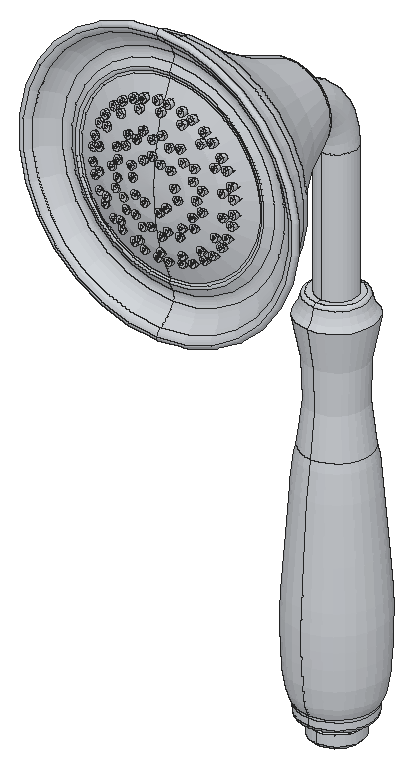
Revit family "Shower-Handshower-KOHLER-Forte-K-10298", category Plumbing Fixtures, host Face, Revit 2015 (continued)
Definition of nested family "K-10298"
  Lines and regions (in)
    symbolic lines, detail levels medium+fine
      curve 130: arc (0.29749, 0, 8.85485) -> (0.33737, 0, 8.87369) -> (0.35621, 0, 8.83381) r 0.03119
      curve 131: arc (0.43986, 0, 8.92925) -> (0.4779, 0, 8.84874) -> (0.55841, 0, 8.88678) r 0.06297
      curve 132: arc (0.55841, 0, 8.88678) -> (0.52038, 0, 8.96729) -> (0.43986, 0, 8.92925) r 0.06297
      curve 133: arc (0.5285, 0, 8.8975) -> (0.48862, 0, 8.87866) -> (0.46978, 0, 8.91854) r 0.03119
      curve 134: arc (0.46978, 0, 8.91854) -> (0.50966, 0, 8.93738) -> (0.5285, 0, 8.8975) r 0.03119
      curve 135: arc (0.3077, 0, 9.01744) -> (0.34574, 0, 8.93692) -> (0.42625, 0, 8.97496) r 0.06297
      curve 136: arc (0.42625, 0, 8.97496) -> (0.38821, 0, 9.05547) -> (0.3077, 0, 9.01744) r 0.06297
      curve 137: arc (0.39633, 0, 8.98568) -> (0.35645, 0, 8.96684) -> (0.33761, 0, 9.00672) r 0.03119
      curve 138: arc (0.33761, 0, 9.00672) -> (0.37749, 0, 9.02556) -> (0.39633, 0, 8.98568) r 0.03119
      curve 139: arc (0.63306, 0, 9.02466) -> (0.69638, 0, 8.96205) -> (0.75899, 0, 9.02537) r 0.06297
      curve 140: arc (0.75899, 0, 9.02537) -> (0.69567, 0, 9.08798) -> (0.63306, 0, 9.02466) r 0.06297
      curve 141: arc (0.72721, 0, 9.02519) -> (0.6962, 0, 8.99383) -> (0.66484, 0, 9.02484) r 0.03119
      curve 142: arc (0.66484, 0, 9.02484) -> (0.69585, 0, 9.05621) -> (0.72721, 0, 9.02519) r 0.03119
      curve 143: arc (0.61872, 0, 9.18109) -> (0.68204, 0, 9.11848) -> (0.74465, 0, 9.1818) r 0.06297
      curve 144: arc (0.74465, 0, 9.1818) -> (0.68133, 0, 9.24441) -> (0.61872, 0, 9.18109) r 0.06297
      curve 145: arc (0.71288, 0, 9.18162) -> (0.68186, 0, 9.15026) -> (0.6505, 0, 9.18127) r 0.03119
      curve 146: arc (0.6505, 0, 9.18127) -> (0.68151, 0, 9.21263) -> (0.71288, 0, 9.18162) r 0.03119
      curve 147: arc (0.7731, 0, 9.14352) -> (0.83642, 0, 9.08092) -> (0.89903, 0, 9.14424) r 0.06297
      curve 148: arc (0.89903, 0, 9.14424) -> (0.83571, 0, 9.20684) -> (0.7731, 0, 9.14352) r 0.06297
      curve 149: arc (0.86725, 0, 9.14406) -> (0.83624, 0, 9.11269) -> (0.80488, 0, 9.1437) r 0.03119
      curve 150: arc (0.80488, 0, 9.1437) -> (0.83589, 0, 9.17507) -> (0.86725, 0, 9.14406) r 0.03119
      curve 151: arc (0.92192, 0, 9.29935) -> (1.00286, 0, 9.26222) -> (1.03998, 0, 9.34316) r 0.06297
      curve 152: arc (1.03998, 0, 9.34316) -> (0.95904, 0, 9.38029) -> (0.92192, 0, 9.29935) r 0.06297
      curve 153: arc (1.01019, 0, 9.33211) -> (0.9918, 0, 9.29202) -> (0.95171, 0, 9.31041) r 0.03119
      curve 154: arc (0.95171, 0, 9.31041) -> (0.9701, 0, 9.3505) -> (1.01019, 0, 9.33211) r 0.03119
      curve 155: arc (1.01276, 0, 9.459) -> (1.0937, 0, 9.42187) -> (1.13082, 0, 9.50281) r 0.06297
      curve 156: arc (1.13082, 0, 9.50281) -> (1.04988, 0, 9.53994) -> (1.01276, 0, 9.459) r 0.06297
      curve 157: arc (1.10103, 0, 9.49176) -> (1.08264, 0, 9.45166) -> (1.04255, 0, 9.47005) r 0.03119
      curve 158: arc (1.04255, 0, 9.47005) -> (1.06094, 0, 9.51014) -> (1.10103, 0, 9.49176) r 0.03119
      curve 159: arc (0.85485, 0, 9.4414) -> (0.93579, 0, 9.40427) -> (0.97292, 0, 9.48521) r 0.06297
      curve 160: arc (0.97292, 0, 9.48521) -> (0.89198, 0, 9.52234) -> (0.85485, 0, 9.4414) r 0.06297
      curve 161: arc (0.94313, 0, 9.47416) -> (0.92474, 0, 9.43407) -> (0.88465, 0, 9.45245) r 0.03119
      curve 162: arc (0.88465, 0, 9.45245) -> (0.90304, 0, 9.49254) -> (0.94313, 0, 9.47416) r 0.03119
      curve 163: arc (1.09918, 0, 9.65638) -> (1.18794, 0, 9.64923) -> (1.19509, 0, 9.73799) r 0.06297
      curve 164: arc (1.19509, 0, 9.73799) -> (1.10633, 0, 9.74514) -> (1.09918, 0, 9.65638) r 0.06297
      curve 165: arc (1.17089, 0, 9.7174) -> (1.16735, 0, 9.67343) -> (1.12338, 0, 9.67697) r 0.03119
      curve 166: arc (1.12338, 0, 9.67697) -> (1.12692, 0, 9.72094) -> (1.17089, 0, 9.7174) r 0.03119
      curve 167: arc (0.98751, 0, 9.76685) -> (1.07627, 0, 9.75971) -> (1.08342, 0, 9.84846) r 0.06297
      curve 168: arc (1.08342, 0, 9.84846) -> (0.99466, 0, 9.85561) -> (0.98751, 0, 9.76685) r 0.06297
      curve 169: arc (1.05922, 0, 9.82787) -> (1.05568, 0, 9.78391) -> (1.01171, 0, 9.78745) r 0.03119
      curve 170: arc (1.01171, 0, 9.78745) -> (1.01525, 0, 9.83141) -> (1.05922, 0, 9.82787) r 0.03119
      curve 171: arc (1.12983, 0, 9.83749) -> (1.21859, 0, 9.83034) -> (1.22574, 0, 9.9191) r 0.06297
      curve 172: arc (1.22574, 0, 9.9191) -> (1.13698, 0, 9.92625) -> (1.12983, 0, 9.83749) r 0.06297
      curve 173: arc (1.20153, 0, 9.89851) -> (1.19799, 0, 9.85454) -> (1.15403, 0, 9.85808) r 0.03119
      curve 174: arc (1.15403, 0, 9.85808) -> (1.15757, 0, 9.90205) -> (1.20153, 0, 9.89851) r 0.03119
      curve 175: arc (1.1434, 0, 10.05253) -> (1.22923, 0, 10.07623) -> (1.20554, 0, 10.16206) r 0.06297
      curve 176: arc (1.20554, 0, 10.16206) -> (1.1197, 0, 10.13837) -> (1.1434, 0, 10.05253) r 0.06297
      curve 177: arc (1.18986, 0, 10.13442) -> (1.20159, 0, 10.09191) -> (1.15908, 0, 10.08017) r 0.03119
      curve 178: arc (1.15908, 0, 10.08017) -> (1.14734, 0, 10.12269) -> (1.18986, 0, 10.13442) r 0.03119
      curve 179: arc (1.00063, 0, 10.11806) -> (1.08647, 0, 10.14176) -> (1.06277, 0, 10.22759) r 0.06297
      curve 180: arc (1.06277, 0, 10.22759) -> (0.97694, 0, 10.2039) -> (1.00063, 0, 10.11806) r 0.06297
      curve 181: arc (1.04709, 0, 10.19995) -> (1.05883, 0, 10.15744) -> (1.01631, 0, 10.1457) r 0.03119
      curve 182: arc (1.01631, 0, 10.1457) -> (1.00458, 0, 10.18822) -> (1.04709, 0, 10.19995) r 0.03119
      curve 183: arc (1.11014, 0, 10.23318) -> (1.19597, 0, 10.25687) -> (1.17228, 0, 10.34271) r 0.06297
      curve 184: arc (1.17228, 0, 10.34271) -> (1.08644, 0, 10.31902) -> (1.11014, 0, 10.23318) r 0.06297
      curve 185: arc (1.1566, 0, 10.31507) -> (1.16834, 0, 10.27255) -> (1.12582, 0, 10.26082) r 0.03119
      curve 186: arc (1.12582, 0, 10.26082) -> (1.11408, 0, 10.30334) -> (1.1566, 0, 10.31507) r 0.03119
      curve 187: arc (1.04921, 0, 10.43986) -> (1.12173, 0, 10.49153) -> (1.07006, 0, 10.56405) r 0.06297
      curve 188: arc (1.07006, 0, 10.56405) -> (0.99754, 0, 10.51238) -> (1.04921, 0, 10.43986) r 0.06297
      curve 189: arc (1.0648, 0, 10.53271) -> (1.09039, 0, 10.49679) -> (1.05447, 0, 10.4712) r 0.03119
      curve 190: arc (1.05447, 0, 10.4712) -> (1.02888, 0, 10.50712) -> (1.0648, 0, 10.53271) r 0.03119
      curve 191: arc (0.89263, 0, 10.45251) -> (0.96516, 0, 10.50418) -> (0.91349, 0, 10.5767) r 0.06297
      curve 192: arc (0.91349, 0, 10.5767) -> (0.84097, 0, 10.52503) -> (0.89263, 0, 10.45251) r 0.06297
      curve 193: arc (0.90823, 0, 10.54536) -> (0.93382, 0, 10.50944) -> (0.8979, 0, 10.48385) r 0.03119
      curve 194: arc (0.8979, 0, 10.48385) -> (0.8723, 0, 10.51977) -> (0.90823, 0, 10.54536) r 0.03119
      curve 195: arc (0.95607, 0, 10.59818) -> (1.02859, 0, 10.64985) -> (0.97693, 0, 10.72237) r 0.06297
      curve 196: arc (0.97693, 0, 10.72237) -> (0.9044, 0, 10.6707) -> (0.95607, 0, 10.59818) r 0.06297
      curve 197: arc (0.97166, 0, 10.69103) -> (0.99726, 0, 10.65511) -> (0.96133, 0, 10.62952) r 0.03119
      curve 198: arc (0.96133, 0, 10.62952) -> (0.93574, 0, 10.66544) -> (0.97166, 0, 10.69103) r 0.03119
      curve 199: arc (0.82802, 0, 10.77147) -> (0.87845, 0, 10.84486) -> (0.80506, 0, 10.89529) r 0.06297
      curve 200: arc (0.80506, 0, 10.89529) -> (0.75463, 0, 10.8219) -> (0.82802, 0, 10.77147) r 0.06297
      curve 201: arc (0.81086, 0, 10.86405) -> (0.84721, 0, 10.83907) -> (0.82223, 0, 10.80272) r 0.03119
      curve 202: arc (0.82223, 0, 10.80272) -> (0.78588, 0, 10.8277) -> (0.81086, 0, 10.86405) r 0.03119
      curve 203: arc (0.67659, 0, 10.72971) -> (0.72702, 0, 10.8031) -> (0.65363, 0, 10.85353) r 0.06297
      curve 204: arc (0.65363, 0, 10.85353) -> (0.6032, 0, 10.78014) -> (0.67659, 0, 10.72971) r 0.06297
      curve 205: arc (0.65942, 0, 10.82229) -> (0.69577, 0, 10.79731) -> (0.67079, 0, 10.76096) r 0.03119
      curve 206: arc (0.67079, 0, 10.76096) -> (0.63444, 0, 10.78594) -> (0.65942, 0, 10.82229) r 0.03119
      curve 207: arc (0.68628, 0, 10.8883) -> (0.73671, 0, 10.96169) -> (0.66332, 0, 11.01212) r 0.06297
      curve 208: arc (0.66332, 0, 11.01212) -> (0.61289, 0, 10.93873) -> (0.68628, 0, 10.8883) r 0.06297
      curve 209: arc (0.66911, 0, 10.98088) -> (0.70546, 0, 10.95589) -> (0.68048, 0, 10.91954) r 0.03119
      curve 210: arc (0.68048, 0, 10.91954) -> (0.64413, 0, 10.94452) -> (0.66911, 0, 10.98088) r 0.03119
      curve 211: arc (0.5066, 0, 11.00723) -> (0.52884, 0, 11.09346) -> (0.44261, 0, 11.11569) r 0.06297
      curve 212: arc (0.44261, 0, 11.11569) -> (0.42038, 0, 11.02947) -> (0.5066, 0, 11.00723) r 0.06297
      curve 213: arc (0.45876, 0, 11.08833) -> (0.50147, 0, 11.07731) -> (0.49046, 0, 11.0346) r 0.03119
      curve 214: arc (0.49046, 0, 11.0346) -> (0.44775, 0, 11.04562) -> (0.45876, 0, 11.08833) r 0.03119
      curve 215: arc (0.37864, 0, 10.91612) -> (0.40088, 0, 11.00235) -> (0.31465, 0, 11.02458) r 0.06297
      curve 216: arc (0.31465, 0, 11.02458) -> (0.29242, 0, 10.93836) -> (0.37864, 0, 10.91612) r 0.06297
      curve 217: arc (0.3308, 0, 10.99721) -> (0.37351, 0, 10.9862) -> (0.3625, 0, 10.94349) r 0.03119
      curve 218: arc (0.3625, 0, 10.94349) -> (0.31979, 0, 10.9545) -> (0.3308, 0, 10.99721) r 0.03119
      curve 219: arc (0.33341, 0, 11.06843) -> (0.35565, 0, 11.15465) -> (0.26942, 0, 11.17689) r 0.06297
      curve 220: arc (0.26942, 0, 11.17689) -> (0.24719, 0, 11.09066) -> (0.33341, 0, 11.06843) r 0.06297
      curve 221: arc (0.28557, 0, 11.14952) -> (0.32828, 0, 11.13851) -> (0.31727, 0, 11.0958) r 0.03119
      curve 222: arc (0.31727, 0, 11.0958) -> (0.27456, 0, 11.10681) -> (0.28557, 0, 11.14952) r 0.03119
      curve 223: arc (-0.3115, 0, 7.61967) -> (0.00008, 0, 7.60334) -> (0.3115, 0, 7.62251) r 2.74156
      curve 224: arc (-0.43139, 0, 10.56227) -> (-0.49319, 0, 10.62407) -> (-0.55498, 0, 10.56227) r 0.0618
      curve 225: arc (-0.55498, 0, 10.56227) -> (-0.49319, 0, 10.50048) -> (-0.43139, 0, 10.56227) r 0.0618
      curve 226: arc (-0.462, 0, 10.56227) -> (-0.49319, 0, 10.53109) -> (-0.52437, 0, 10.56227) r 0.03119
      curve 227: arc (-0.52437, 0, 10.56227) -> (-0.49319, 0, 10.59346) -> (-0.462, 0, 10.56227) r 0.03119
      curve 228: arc (-0.2776, 0, 10.53056) -> (-0.31283, 0, 10.61054) -> (-0.39281, 0, 10.57531) r 0.0618
      curve 229: arc (-0.36428, 0, 10.56423) -> (-0.32391, 0, 10.58201) -> (-0.30613, 0, 10.54165) r 0.03119
      curve 230: arc (-0.30613, 0, 10.54165) -> (-0.3465, 0, 10.52387) -> (-0.36428, 0, 10.56423) r 0.03119
      curve 231: arc (-0.39281, 0, 10.57531) -> (-0.35758, 0, 10.49533) -> (-0.2776, 0, 10.53056) r 0.0618
      curve 232: arc (-0.30636, 0, 10.72368) -> (-0.27113, 0, 10.6437) -> (-0.19115, 0, 10.67893) r 0.0618
      curve 233: arc (-0.21968, 0, 10.69002) -> (-0.26005, 0, 10.67224) -> (-0.27783, 0, 10.7126) r 0.03119
      curve 234: arc (-0.27783, 0, 10.7126) -> (-0.23746, 0, 10.73038) -> (-0.21968, 0, 10.69002) r 0.03119
      curve 235: arc (-0.19115, 0, 10.67893) -> (-0.22638, 0, 10.75891) -> (-0.30636, 0, 10.72368) r 0.0618
      curve 236: arc (-0.11412, 0, 10.68398) -> (-0.11477, 0, 10.59659) -> (-0.02737, 0, 10.59594) r 0.0618
      curve 237: arc (-0.04886, 0, 10.61774) -> (-0.09296, 0, 10.61807) -> (-0.09263, 0, 10.66218) r 0.03119
      curve 238: arc (-0.09263, 0, 10.66218) -> (-0.04853, 0, 10.66185) -> (-0.04886, 0, 10.61774) r 0.03119
      curve 239: arc (-0.02737, 0, 10.59594) -> (-0.02672, 0, 10.68333) -> (-0.11412, 0, 10.68398) r 0.0618
      curve 240: arc (0.02555, 0, 10.78388) -> (0.0249, 0, 10.69648) -> (0.11229, 0, 10.69584) r 0.0618
      curve 241: arc (0.09081, 0, 10.71764) -> (0.04671, 0, 10.71797) -> (0.04703, 0, 10.76207) r 0.03119
      curve 242: arc (0.04703, 0, 10.76207) -> (0.09114, 0, 10.76175) -> (0.09081, 0, 10.71764) r 0.03119
      curve 243: arc (0.11229, 0, 10.69584) -> (0.11294, 0, 10.78323) -> (0.02555, 0, 10.78388) r 0.0618
      curve 244: arc (0.18463, 0, 10.66887) -> (0.14822, 0, 10.58942) -> (0.22766, 0, 10.553) r 0.0618
      curve 245: arc (0.21701, 0, 10.5817) -> (0.17691, 0, 10.60007) -> (0.19529, 0, 10.64017) r 0.03119
      curve 246: arc (0.19529, 0, 10.64017) -> (0.23538, 0, 10.62179) -> (0.21701, 0, 10.5817) r 0.03119
      curve 247: arc (0.22766, 0, 10.553) -> (0.26408, 0, 10.63245) -> (0.18463, 0, 10.66887) r 0.0618
      curve 248: arc (0.35297, 0, 10.70274) -> (0.31656, 0, 10.62329) -> (0.39601, 0, 10.58687) r 0.0618
      curve 249: arc (0.38535, 0, 10.61557) -> (0.34525, 0, 10.63395) -> (0.36363, 0, 10.67404) r 0.03119
      curve 250: arc (0.36363, 0, 10.67404) -> (0.40373, 0, 10.65567) -> (0.38535, 0, 10.61557) r 0.03119
      curve 251: arc (0.39601, 0, 10.58687) -> (0.43242, 0, 10.66632) -> (0.35297, 0, 10.70274) r 0.0618
      curve 252: arc (0.44473, 0, 10.43984) -> (0.41569, 0, 10.47304) -> (0.44889, 0, 10.50208) r 0.03119
      curve 253: arc (0.45093, 0, 10.53262) -> (0.38515, 0, 10.47508) -> (0.44269, 0, 10.4093) r 0.0618
      curve 254: arc (0.44889, 0, 10.50208) -> (0.47793, 0, 10.46888) -> (0.44473, 0, 10.43984) r 0.03119
      curve 255: arc (0.44269, 0, 10.4093) -> (0.50847, 0, 10.46684) -> (0.45093, 0, 10.53262) r 0.0618
      curve 256: arc (0.61837, 0, 10.49452) -> (0.55259, 0, 10.43698) -> (0.61013, 0, 10.3712) r 0.0618
      curve 257: arc (0.61217, 0, 10.40174) -> (0.58313, 0, 10.43494) -> (0.61633, 0, 10.46398) r 0.03119
      curve 258: arc (0.61633, 0, 10.46398) -> (0.64537, 0, 10.43078) -> (0.61217, 0, 10.40174) r 0.03119
      curve 259: arc (0.61013, 0, 10.3712) -> (0.67591, 0, 10.42874) -> (0.61837, 0, 10.49452) r 0.0618
      curve 260: arc (0.63799, 0, 10.2992) -> (0.5544, 0, 10.27368) -> (0.57993, 0, 10.19009) r 0.0618
      curve 261: arc (0.59431, 0, 10.21711) -> (0.58143, 0, 10.2593) -> (0.62361, 0, 10.27218) r 0.03119
      curve 262: arc (0.62361, 0, 10.27218) -> (0.63649, 0, 10.22999) -> (0.59431, 0, 10.21711) r 0.03119
      curve 263: arc (0.57993, 0, 10.19009) -> (0.66351, 0, 10.21561) -> (0.63799, 0, 10.2992) r 0.0618
      curve 264: arc (0.73141, 0, 10.11372) -> (0.71853, 0, 10.15591) -> (0.76071, 0, 10.16879) r 0.03119
      curve 265: arc (0.77509, 0, 10.19581) -> (0.69151, 0, 10.17029) -> (0.71703, 0, 10.0867) r 0.0618
      curve 266: arc (0.76071, 0, 10.16879) -> (0.77359, 0, 10.12661) -> (0.73141, 0, 10.11372) r 0.03119
      curve 267: arc (0.71703, 0, 10.0867) -> (0.80062, 0, 10.11223) -> (0.77509, 0, 10.19581) r 0.0618
      curve 268: arc (0.71293, 0, 10.00961) -> (0.62623, 0, 10.02059) -> (0.61525, 0, 9.93389) r 0.0618
      curve 269: arc (0.63944, 0, 9.95264) -> (0.64498, 0, 9.9964) -> (0.68874, 0, 9.99086) r 0.03119
      curve 270: arc (0.68874, 0, 9.99086) -> (0.6832, 0, 9.9471) -> (0.63944, 0, 9.95264) r 0.03119
      curve 271: arc (0.61525, 0, 9.93389) -> (0.70195, 0, 9.92291) -> (0.71293, 0, 10.00961) r 0.0618
      curve 272: arc (0.72212, 0, 9.80214) -> (0.72766, 0, 9.8459) -> (0.77142, 0, 9.84036) r 0.03119
      curve 273: arc (0.79561, 0, 9.85911) -> (0.70891, 0, 9.87009) -> (0.69793, 0, 9.78339) r 0.0618
      curve 274: arc (0.77142, 0, 9.84036) -> (0.76588, 0, 9.7966) -> (0.72212, 0, 9.80214) r 0.03119
      curve 275: arc (0.69793, 0, 9.78339) -> (0.78463, 0, 9.77241) -> (0.79561, 0, 9.85911) r 0.0618
      curve 276: arc (0.54245, 0, 9.68572) -> (0.61704, 0, 9.64016) -> (0.66259, 0, 9.71475) r 0.0618
      curve 277: arc (0.63284, 0, 9.70756) -> (0.60985, 0, 9.66992) -> (0.57221, 0, 9.69291) r 0.03119
      curve 278: arc (0.57221, 0, 9.69291) -> (0.5952, 0, 9.73055) -> (0.63284, 0, 9.70756) r 0.03119
      curve 279: arc (0.66259, 0, 9.71475) -> (0.58801, 0, 9.7603) -> (0.54245, 0, 9.68572) r 0.0618
      curve 280: arc (0.58593, 0, 9.52174) -> (0.60892, 0, 9.55938) -> (0.64656, 0, 9.53639) r 0.03119
      curve 281: arc (0.67632, 0, 9.54358) -> (0.60173, 0, 9.58914) -> (0.55618, 0, 9.51455) r 0.0618
      curve 282: arc (0.55618, 0, 9.51455) -> (0.63076, 0, 9.469) -> (0.67632, 0, 9.54358) r 0.0618
      curve 283: arc (0.64656, 0, 9.53639) -> (0.62357, 0, 9.49875) -> (0.58593, 0, 9.52174) r 0.03119
      curve 284: arc (0.40441, 0, 9.48356) -> (0.44081, 0, 9.50847) -> (0.46572, 0, 9.47207) r 0.03119
      curve 285: arc (0.49581, 0, 9.46643) -> (0.44645, 0, 9.53855) -> (0.37433, 0, 9.48919) r 0.0618
      curve 286: arc (0.46572, 0, 9.47207) -> (0.42933, 0, 9.44716) -> (0.40441, 0, 9.48356) r 0.03119
      curve 287: arc (0.37433, 0, 9.48919) -> (0.42369, 0, 9.41707) -> (0.49581, 0, 9.46643) r 0.0618
      curve 288: arc (0.43817, 0, 9.30468) -> (0.38881, 0, 9.3768) -> (0.31669, 0, 9.32744) r 0.0618
      curve 289: arc (0.34677, 0, 9.3218) -> (0.38317, 0, 9.34671) -> (0.40808, 0, 9.31031) r 0.03119
      curve 290: arc (0.40808, 0, 9.31031) -> (0.37168, 0, 9.2854) -> (0.34677, 0, 9.3218) r 0.03119
      curve 291: arc (0.31669, 0, 9.32744) -> (0.36605, 0, 9.25532) -> (0.43817, 0, 9.30468) r 0.0618
      curve 292: arc (0.14042, 0, 9.37885) -> (0.15588, 0, 9.29283) -> (0.2419, 0, 9.30829) r 0.0618
      curve 293: arc (0.21677, 0, 9.32577) -> (0.17336, 0, 9.31796) -> (0.16556, 0, 9.36138) r 0.03119
      curve 294: arc (0.16556, 0, 9.36138) -> (0.20897, 0, 9.36918) -> (0.21677, 0, 9.32577) r 0.03119
      curve 295: arc (0.2419, 0, 9.30829) -> (0.22644, 0, 9.39431) -> (0.14042, 0, 9.37885) r 0.0618
      curve 296: arc (0.04668, 0, 9.23746) -> (0.09009, 0, 9.24526) -> (0.09789, 0, 9.20185) r 0.03119
      curve 297: arc (0.12302, 0, 9.18438) -> (0.10756, 0, 9.2704) -> (0.02155, 0, 9.25494) r 0.0618
      curve 298: arc (0.09789, 0, 9.20185) -> (0.05448, 0, 9.19405) -> (0.04668, 0, 9.23746) r 0.03119
      curve 299: arc (0.02155, 0, 9.25494) -> (0.03701, 0, 9.16892) -> (0.12302, 0, 9.18438) r 0.0618
      curve 300: arc (-0.11816, 0, 9.37408) -> (-0.13932, 0, 9.28928) -> (-0.05452, 0, 9.26812) r 0.0618
      curve 301: arc (-0.07028, 0, 9.29436) -> (-0.11307, 0, 9.30504) -> (-0.1024, 0, 9.34784) r 0.03119
      curve 302: arc (-0.1024, 0, 9.34784) -> (-0.0596, 0, 9.33716) -> (-0.07028, 0, 9.29436) r 0.03119
      curve 303: arc (-0.05452, 0, 9.26812) -> (-0.03336, 0, 9.35292) -> (-0.11816, 0, 9.37408) r 0.0618
      curve 304: arc (-0.21374, 0, 9.20382) -> (-0.19258, 0, 9.28862) -> (-0.27738, 0, 9.30978) r 0.0618
      curve 305: arc (-0.26162, 0, 9.28354) -> (-0.21883, 0, 9.27286) -> (-0.2295, 0, 9.23006) r 0.03119
      curve 306: arc (-0.2295, 0, 9.23006) -> (-0.2723, 0, 9.24074) -> (-0.26162, 0, 9.28354) r 0.03119
      curve 307: arc (-0.27738, 0, 9.30978) -> (-0.29854, 0, 9.22498) -> (-0.21374, 0, 9.20382) r 0.0618
      curve 308: arc (-0.35598, 0, 9.47571) -> (-0.41003, 0, 9.40704) -> (-0.34136, 0, 9.35298) r 0.0618
      curve 309: arc (-0.34498, 0, 9.38338) -> (-0.37964, 0, 9.41066) -> (-0.35236, 0, 9.44532) r 0.03119
      curve 310: arc (-0.35236, 0, 9.44532) -> (-0.3177, 0, 9.41804) -> (-0.34498, 0, 9.38338) r 0.03119
      curve 311: arc (-0.34136, 0, 9.35298) -> (-0.2873, 0, 9.42166) -> (-0.35598, 0, 9.47571) r 0.0618
      curve 312: arc (-0.51295, 0, 9.3596) -> (-0.45889, 0, 9.42827) -> (-0.52756, 0, 9.48233) r 0.0618
      curve 313: arc (-0.52394, 0, 9.45193) -> (-0.48929, 0, 9.42465) -> (-0.51657, 0, 9.38999) r 0.03119
      curve 314: arc (-0.51657, 0, 9.38999) -> (-0.55122, 0, 9.41728) -> (-0.52394, 0, 9.45193) r 0.03119
      curve 315: arc (-0.52756, 0, 9.48233) -> (-0.58162, 0, 9.41366) -> (-0.51295, 0, 9.3596) r 0.0618
      curve 316: arc (-0.56821, 0, 9.54796) -> (-0.49075, 0, 9.58844) -> (-0.53124, 0, 9.6659) r 0.0618
      curve 317: arc (-0.55905, 0, 9.57717) -> (-0.57948, 0, 9.61626) -> (-0.54039, 0, 9.63669) r 0.03119
      curve 318: arc (-0.54039, 0, 9.63669) -> (-0.51996, 0, 9.5976) -> (-0.55905, 0, 9.57717) r 0.03119
      curve 319: arc (-0.53124, 0, 9.6659) -> (-0.60869, 0, 9.62542) -> (-0.56821, 0, 9.54796) r 0.0618
      curve 320: arc (-0.72201, 0, 9.62433) -> (-0.64455, 0, 9.66481) -> (-0.68504, 0, 9.74227) r 0.0618
      curve 321: arc (-0.69419, 0, 9.71306) -> (-0.67376, 0, 9.67397) -> (-0.71285, 0, 9.65354) r 0.03119
      curve 322: arc (-0.71285, 0, 9.65354) -> (-0.73328, 0, 9.69263) -> (-0.69419, 0, 9.71306) r 0.03119
      curve 323: arc (-0.68504, 0, 9.74227) -> (-0.76249, 0, 9.70178) -> (-0.72201, 0, 9.62433) r 0.0618
      curve 324: arc (-0.61314, 0, 9.91121) -> (-0.70039, 0, 9.90604) -> (-0.69521, 0, 9.81879) r 0.0618
      curve 325: arc (-0.67488, 0, 9.84168) -> (-0.6775, 0, 9.88571) -> (-0.63347, 0, 9.88832) r 0.03119
      curve 326: arc (-0.63347, 0, 9.88832) -> (-0.63085, 0, 9.84429) -> (-0.67488, 0, 9.84168) r 0.03119
      curve 327: arc (-0.69521, 0, 9.81879) -> (-0.60797, 0, 9.82397) -> (-0.61314, 0, 9.91121) r 0.0618
      curve 328: arc (-0.80419, 0, 9.95149) -> (-0.71695, 0, 9.95667) -> (-0.72213, 0, 10.04391) r 0.0618
      curve 329: arc (-0.74245, 0, 10.02102) -> (-0.73984, 0, 9.97699) -> (-0.78387, 0, 9.97438) r 0.03119
      curve 330: arc (-0.78387, 0, 9.97438) -> (-0.78648, 0, 10.01841) -> (-0.74245, 0, 10.02102) r 0.03119
      curve 331: arc (-0.72213, 0, 10.04391) -> (-0.80937, 0, 10.03873) -> (-0.80419, 0, 9.95149) r 0.0618
      curve 332: arc (-0.70004, 0, 10.11788) -> (-0.61834, 0, 10.08684) -> (-0.5873, 0, 10.16854) r 0.0618
      curve 333: arc (-0.61522, 0, 10.156) -> (-0.63088, 0, 10.11477) -> (-0.67212, 0, 10.13043) r 0.03119
      curve 334: arc (-0.67212, 0, 10.13043) -> (-0.65645, 0, 10.17166) -> (-0.61522, 0, 10.156) r 0.03119
      curve 335: arc (-0.5873, 0, 10.16854) -> (-0.669, 0, 10.19958) -> (-0.70004, 0, 10.11788) r 0.0618
      curve 336: arc (-0.74505, 0, 10.28359) -> (-0.66335, 0, 10.25256) -> (-0.63232, 0, 10.33425) r 0.0618
      curve 337: arc (-0.66024, 0, 10.32171) -> (-0.6759, 0, 10.28048) -> (-0.71713, 0, 10.29614) r 0.03119
      curve 338: arc (-0.71713, 0, 10.29614) -> (-0.70147, 0, 10.33737) -> (-0.66024, 0, 10.32171) r 0.03119
      curve 339: arc (-0.63232, 0, 10.33425) -> (-0.71402, 0, 10.36529) -> (-0.74505, 0, 10.28359) r 0.0618
      curve 340: arc (-0.58185, 0, 10.39267) -> (-0.52005, 0, 10.33087) -> (-0.45825, 0, 10.39267) r 0.0618
      curve 341: arc (-0.48886, 0, 10.39267) -> (-0.52005, 0, 10.36148) -> (-0.55124, 0, 10.39267) r 0.03119
      curve 342: arc (-0.55124, 0, 10.39267) -> (-0.52005, 0, 10.42386) -> (-0.48886, 0, 10.39267) r 0.03119
      curve 343: arc (-0.45825, 0, 10.39267) -> (-0.52005, 0, 10.45447) -> (-0.58185, 0, 10.39267) r 0.0618
      curve 344: arc (-0.41001, 0, 9.95054) -> (-0.3228, 0, 9.94482) -> (-0.31708, 0, 10.03203) r 0.0618
      curve 345: arc (-0.38699, 0, 9.97072) -> (-0.38411, 0, 10.01473) -> (-0.3401, 0, 10.01185) r 0.03119
      curve 346: arc (-0.3401, 0, 10.01185) -> (-0.34298, 0, 9.96784) -> (-0.38699, 0, 9.97072) r 0.03119
      curve 347: arc (-0.31708, 0, 10.03203) -> (-0.40429, 0, 10.03775) -> (-0.41001, 0, 9.95054) r 0.0618
      curve 348: arc (-0.43701, 0, 10.12314) -> (-0.3498, 0, 10.11742) -> (-0.34408, 0, 10.20463) r 0.0618
      curve 349: arc (-0.3671, 0, 10.18445) -> (-0.36998, 0, 10.14043) -> (-0.414, 0, 10.14332) r 0.03119
      curve 350: arc (-0.414, 0, 10.14332) -> (-0.41111, 0, 10.18733) -> (-0.3671, 0, 10.18445) r 0.03119
      curve 351: arc (-0.34408, 0, 10.20463) -> (-0.43129, 0, 10.21035) -> (-0.43701, 0, 10.12314) r 0.0618
      curve 352: arc (-0.24519, 0, 10.33508) -> (-0.20996, 0, 10.25509) -> (-0.12998, 0, 10.29032) r 0.0618
      curve 353: arc (-0.15851, 0, 10.30141) -> (-0.19888, 0, 10.28363) -> (-0.21666, 0, 10.32399) r 0.03119
      curve 354: arc (-0.21666, 0, 10.32399) -> (-0.17629, 0, 10.34177) -> (-0.15851, 0, 10.30141) r 0.03119
      curve 355: arc (-0.12998, 0, 10.29032) -> (-0.16521, 0, 10.37031) -> (-0.24519, 0, 10.33508) r 0.0618
      curve 356: arc (-0.10461, 0, 10.43878) -> (-0.06938, 0, 10.3588) -> (0.01061, 0, 10.39403) r 0.0618
      curve 357: arc (-0.01793, 0, 10.40511) -> (-0.05829, 0, 10.38733) -> (-0.07607, 0, 10.4277) r 0.03119
      curve 358: arc (-0.07607, 0, 10.4277) -> (-0.03571, 0, 10.44548) -> (-0.01793, 0, 10.40511) r 0.03119
      curve 359: arc (0.01061, 0, 10.39403) -> (-0.02462, 0, 10.47401) -> (-0.10461, 0, 10.43878) r 0.0618
      curve 360: arc (0.07364, 0, 10.40141) -> (0.03831, 0, 10.32147) -> (0.11825, 0, 10.28614) r 0.0618
      curve 361: arc (0.1072, 0, 10.31469) -> (0.06686, 0, 10.33252) -> (0.08469, 0, 10.37286) r 0.03119
      curve 362: arc (0.08469, 0, 10.37286) -> (0.12503, 0, 10.35503) -> (0.1072, 0, 10.31469) r 0.03119
      curve 363: arc (0.11825, 0, 10.28614) -> (0.15358, 0, 10.36608) -> (0.07364, 0, 10.40141) r 0.0618
      curve 364: arc (0.24501, 0, 10.36747) -> (0.20968, 0, 10.28753) -> (0.28962, 0, 10.2522) r 0.0618
      curve 365: arc (0.27857, 0, 10.28075) -> (0.23823, 0, 10.29858) -> (0.25606, 0, 10.33892) r 0.03119
      curve 366: arc (0.25606, 0, 10.33892) -> (0.2964, 0, 10.32109) -> (0.27857, 0, 10.28075) r 0.03119
      curve 367: arc (0.28962, 0, 10.2522) -> (0.32495, 0, 10.33214) -> (0.24501, 0, 10.36747) r 0.0618
      curve 368: arc (0.37815, 0, 10.11452) -> (0.29093, 0, 10.10891) -> (0.29654, 0, 10.02169) r 0.0618
      curve 369: arc (0.29654, 0, 10.02169) -> (0.38376, 0, 10.0273) -> (0.37815, 0, 10.11452) r 0.0618
      curve 370: arc (0.35794, 0, 10.09153) -> (0.36077, 0, 10.04751) -> (0.31675, 0, 10.04468) r 0.03119
      curve 371: arc (0.31675, 0, 10.04468) -> (0.31392, 0, 10.0887) -> (0.35794, 0, 10.09153) r 0.03119
      curve 372: arc (0.36585, 0, 9.87702) -> (0.36302, 0, 9.92104) -> (0.40703, 0, 9.92387) r 0.03119
      curve 373: arc (0.40703, 0, 9.92387) -> (0.40986, 0, 9.87985) -> (0.36585, 0, 9.87702) r 0.03119
      curve 374: arc (0.42724, 0, 9.94686) -> (0.34003, 0, 9.94125) -> (0.34564, 0, 9.85403) r 0.0618
      curve 375: arc (0.34564, 0, 9.85403) -> (0.43285, 0, 9.85964) -> (0.42724, 0, 9.94686) r 0.0618
      curve 376: arc (0.14441, 0, 9.74137) -> (0.18969, 0, 9.66662) -> (0.26444, 0, 9.71189) r 0.0618
      curve 377: arc (0.23472, 0, 9.71919) -> (0.19699, 0, 9.69634) -> (0.17414, 0, 9.73407) r 0.03119
      curve 378: arc (0.17414, 0, 9.73407) -> (0.21187, 0, 9.75692) -> (0.23472, 0, 9.71919) r 0.03119
      curve 379: arc (0.26444, 0, 9.71189) -> (0.21917, 0, 9.78665) -> (0.14441, 0, 9.74137) r 0.0618
      curve 380: arc (0.13845, 0, 9.59088) -> (0.09317, 0, 9.66563) -> (0.01842, 0, 9.62036) r 0.0618
      curve 381: arc (0.10872, 0, 9.59818) -> (0.071, 0, 9.57533) -> (0.04814, 0, 9.61306) r 0.03119
      curve 382: arc (0.04814, 0, 9.61306) -> (0.08587, 0, 9.63591) -> (0.10872, 0, 9.59818) r 0.03119
      curve 383: arc (0.01842, 0, 9.62036) -> (0.06369, 0, 9.5456) -> (0.13845, 0, 9.59088) r 0.0618
      curve 384: arc (-0.17448, 0, 9.74674) -> (-0.21985, 0, 9.67205) -> (-0.14516, 0, 9.62668) r 0.0618
      curve 385: arc (-0.15242, 0, 9.65641) -> (-0.19012, 0, 9.67931) -> (-0.16722, 0, 9.71701) r 0.03119
      curve 386: arc (-0.16722, 0, 9.71701) -> (-0.12952, 0, 9.69411) -> (-0.15242, 0, 9.65641) r 0.03119
      curve 387: arc (-0.14516, 0, 9.62668) -> (-0.09979, 0, 9.70137) -> (-0.17448, 0, 9.74674) r 0.0618
      curve 388: arc (-0.3107, 0, 9.68249) -> (-0.26533, 0, 9.75719) -> (-0.34002, 0, 9.80256) r 0.0618
      curve 389: arc (-0.33276, 0, 9.77282) -> (-0.29506, 0, 9.74992) -> (-0.31796, 0, 9.71223) r 0.03119
      curve 390: arc (-0.31796, 0, 9.71223) -> (-0.35566, 0, 9.73512) -> (-0.33276, 0, 9.77282) r 0.03119
      curve 391: arc (-0.34002, 0, 9.80256) -> (-0.38539, 0, 9.72786) -> (-0.3107, 0, 9.68249) r 0.0618
      curve 392: line (-0.598, 0, 6.38159) -> (0.598, 0, 6.38159)
      curve 393: line (-0.59333, 0, 0.55514) -> (0.59333, 0, 0.55514)
      curve 394: line (-0.36039, 0, 0.27247) -> (0.36039, 0, 0.27247)
      curve 395: line (0.40942, 0, 0.22355) -> (-0.40931, 0, 0.22355)
      curve 396: line (-0.40942, 0, 0.04877) -> (0.40931, 0, 0.04877)
      curve 397: line (-0.385, 0, 0.35174) -> (0.385, 0, 0.35174)
      curve 398: line (-0.3115, 0, 6.71446) -> (0.3115, 0, 6.71446)
      curve 399: line (0, -0.41469, 6.715) -> (0, 0.41469, 6.715)
      curve 400: line (0, -0.93733, 10.24911) -> (0, -0.93733, 9.63172)
      curve 401: line (0, 0.598, 6.38159) -> (0, -0.598, 6.38159)
      curve 402: line (0, 0.38515, 0.35174) -> (0, -0.38485, 0.35174)
      curve 403: line (0, 0.3605, 0.27247) -> (0, -0.3605, 0.27247)
      curve 404: line (0, 0.40942, 0.22355) -> (0, -0.40916, 0.22355)
      curve 405: line (0, 0.40946, 0.04877) -> (0, -0.40916, 0.04877)
      curve 406: line (-0.31723, -0.93838, 0) -> (0.31181, -0.93838, 0)
      curve 407: line (-0.31723, -0.67961, 0) -> (-0.31723, 0, 0)
      curve 408: line (0.31279, -0.68211, 0) -> (0.31279, 0, 0)
      curve 409: arc (-0.31723, 0, 0) -> (-0.00222, 0.31501, 0) -> (0.31279, 0, 0) r 0.31501
      curve 410: arc (-0.31723, -0.50691, 0) -> (0.00256, 0.59332, 0) -> (0.31279, -0.50965, 0) r 0.59585
      curve 411: line (-0.90885, -3.78851, 0) -> (0.92844, -3.78851, 0)
      curve 412: line (0, -3.78746, 10.9574) -> (0, -3.78746, 8.96025)
  Dimensions and locks (in)
    aligned and locked: level to plane 2
Types (5): name | Type | Model | Finish
  (no name) | 1 | "K-10298-CP" | Kohler-Metal-CP-Polished_Chrome
  CP-Polished Chrome | 1 | "K-10298-CP" | Kohler-Metal-CP-Polished_Chrome
  G-Brushed Chrome | 2 | "K-10298-G" | Kohler-Metal-G-Brushed_Chrome
  BN-Vibrant Brushed Nickel | 3 | "K-10298-BN" | Kohler-Metal-BN-Vibrant_Brushed_Nickel
  2BZ-Oil Rubbed Bronze | 4 | "K-10298-2BZ" | Kohler-Metal-2BZ-Oil_Rubbed_Bronze
